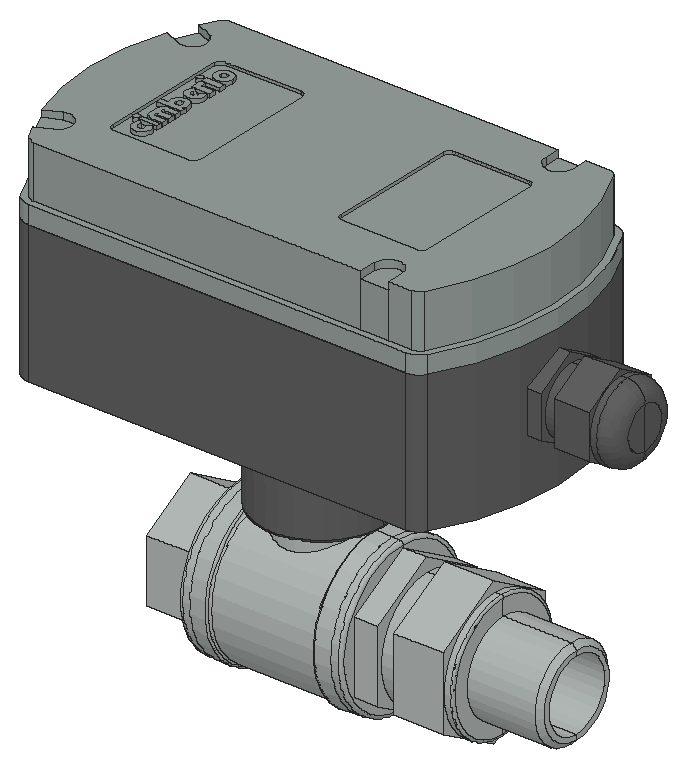
Revit family "QD31600000", category Apparecchi idraulici, Revit 2020
Family settings
  Quota connettore circolare = Usa diametro
  Tipo di parte = Normale
  Numero OmniClass = 23.45.00.00
  Titolo OmniClass = Sanitary, Laundry, and Cleaning Equipment
  Basato su piano di lavoro = No
  Sempre verticale = Sì
  Taglio con vuoti quando caricato = No
  Condiviso = No
  Punto di calcolo locali = No
Parameters
  URL = "https://web.cimberio.it/index.php/figura/616?subcategoria_id=74926"
  Temperatura di esercizio = "-20 ÷ 150°C"
  Prospetto di default = 0 mm
  Produttore = "CIMBERIO SPA"
  Pressione nominale = "PN 64 (3/4\" ÷ 1\"); PN 50 (1\"1/4)"
  Modello = "Cim 703"
  Materiale = "Prodotto in lega di ottone conforme alla norma EN 12165-CW617N-DW"
  Descrizione = "Utilizzato nei più svariati settori dell'impiantistica: impianti di riscaldamento, condizionamento, idrici, igienico-sanitari, aria compressa e in generale con ogni fluido non corrosivo.\r\nParticolarmente indicato come valvola di zona per la regolazione e contabilizzazione di impianti di riscaldamento singoli o a zone, impianti con utilizzazione di energie alternative, impianti con fluidi caldi o freddi e impianti di automazione in genere."
  DN Model [instance] = QD31601020 : QD31601020
  DN [instance] = 20 mm
  Commenti sul tipo = "Realizzato in ottemperanza ai requisiti gestionali della norma EN ISO 9001.\r\nCollaudato al 100% secondo la normativa EN 12266-1."
Reference planes
  plane 1 "Centro (Fronte/Retro)": y = 0
  plane 2: z = 0
  plane 3 "Centro (Sinistra/Destra)": x = 0
Dimensions and locks
  aligned and locked: level to plane 2
Nested families
  nested 1: "QD31601020" at (0, 0, 0), type <- "DN Model", type "QD31601020"
    with DN 50 mm
  nested 2: "QD31601020" at (0, 0, 0), type <- "DN Model", type "QD31601020"
Connectors
  piping at (72.6, 0, 0), diameter 20, driven by "DN"
    settings: on nested 1, index 1, connector inside diameter 609.6 mm, connector length 0 mm, flow factor 0, pipe flow 0.0 L/s, pressure drop 0.0 Pa, fitting loss kfactor 0, connector angle 0.00°, fixture units 0, engagement length 0 mm, angle of deflection 0.00°, flow configuration 0, flow direction 0, fitting loss method 0, system type 7, joint type 0, gender type 0, connector reference index -1, connector utility 0, adjustable connector no, is connector primary yes, connector description ""
  piping at (-37.1, 0, 0), diameter 20, driven by "DN"
    settings: on nested 1, index 2, connector inside diameter 609.6 mm, connector length 0 mm, flow factor 0, pipe flow 0.0 L/s, pressure drop 0.0 Pa, fitting loss kfactor 0, connector angle 0.00°, fixture units 0, engagement length 0 mm, angle of deflection 0.00°, flow configuration 0, flow direction 0, fitting loss method 0, system type 7, joint type 0, gender type 0, connector reference index -1, connector utility 0, adjustable connector no, is connector primary no, connector description ""
Definition of nested family "QD31601020"
  Parameters (values of type "QD31601020")
    URL = "https://web.cimberio.it/index.php/figura/394?subcategoria_id="
    Temperatura di esercizio = "-10 ÷ 95°C"
    Default Elevation = 0 mm
    Manufacturer = "CIMBERIO SPA"
    Pressione nominale = "PN 16"
    Model = "Cim 32"
    Materiale = "Prodotto in lega di ottone conforme alla norma EN 12165-CW617N-DW"
    Description = "Impiegato nei più svariati settori dell'impiantistica in condutture anti-ritorno per: reti di distribuzione acqua potabile, impianti di riscaldamento, condizionamento, igienico-sanitari e in generale con ogni fluido non corrosivo."
    DN [instance] = 50 mm
    Type Comments = "Realizzato in ottemperanza ai requisiti gestionali della norma EN ISO 9001.\r\nCollaudato al 100% secondo la normativa EN 12266-1"
  Reference planes
    plane 1 "Centro (Fronte/Retro)": y = 0
    plane 2: z = 0
    plane 3 "Centro (Sinistra/Destra)": x = 0
  Forms (mm)
    Extrusion 1, solid
      sketch origin (0, 0, 0) x (0, 1, 0) y (0, 0, 1)
        loop
          circle (0, 0) r 10
        loop
          line (0, 18) -> (-15.588, 9) -> (-15.588, -9) -> (0, -18) -> (15.588, -9) -> (15.588, 9) -> (0, 18)
      from -37.1 to -23.1
    Revolve 2, solid
      sketch origin (0, 0, 0) x (1, 0, 0) y (0, 0, 1)
        loop
          line (11.504, 21.487) -> (11.504, 37.805) -> (0, 37.805) -> (0, 8.315) -> (12.31, 8.315) -> (12.31, 20.681)
          arc (12.31, 20.681) -> (11.74, 20.917) -> (11.504, 21.487) r 0.806
        axis (0, 37.805) -> (0, 8.315)
      angle from 0 to 360
    Extrusion 3, solid
      sketch origin (0, 0, 6.5) x (1, 0, 0) y (0, 0, 1)
        loop
          line (-16, 34.091) -> (-16, 17.197) -> (-11, 17.197) -> (-11, 34.091) -> (-16, 34.091)
      from -0.812 to 0.713
    Revolve 4, solid
      sketch origin (0, 0, 0) x (1, 0, 0) y (0, 0, 1)
        loop
          line (0, 51.8) -> (0, 36.671) -> (3.652, 36.671) -> (3.652, 23.3) -> (16.983, 23.3)
          arc (16.983, 23.3) -> (17.427, 23.419) -> (17.69, 23.796) r 0.672
          line (17.69, 23.796) -> (17.955, 46.8) -> (19, 46.8)
          arc (19, 46.8) -> (19.707, 47.093) -> (20, 47.8) r 1
          line (20, 47.8) -> (20, 51.8) -> (0, 51.8)
        axis (0, 51.8) -> (0, 23.3)
      angle from 0 to 360
    Extrusion 5, solid
      sketch origin (0, 0, 0) x (1, 0, 0) y (0, 1, 0)
        loop
          arc (-53.687, 37) -> (-56.156, 36.347) -> (-57.982, 34.56) r 5
          arc (-57.982, 34.56) -> (-67.5, 0) -> (-57.982, -34.56) r 67.5
          arc (-57.982, -34.56) -> (-56.156, -36.347) -> (-53.687, -37) r 5
          line (-53.687, -37) -> (53.687, -37)
          arc (53.687, -37) -> (56.156, -36.347) -> (57.982, -34.56) r 5
          arc (57.982, -34.56) -> (67.5, 0) -> (57.982, 34.56) r 67.5
          arc (57.982, 34.56) -> (56.156, 36.347) -> (53.687, 37) r 5
          line (53.687, 37) -> (-53.687, 37)
      from 51.8 to 91.8
    Extrusion 6, solid
      sketch origin (0, 0, 40) x (1, 0, 0) y (0, 1, 0)
        loop
          arc (-53.687, 37) -> (-56.156, 36.347) -> (-57.982, 34.56) r 5
          arc (-57.982, 34.56) -> (-67.5, 0) -> (-57.982, -34.56) r 67.5
          arc (-57.982, -34.56) -> (-56.156, -36.347) -> (-53.687, -37) r 5
          line (-53.687, -37) -> (53.687, -37)
          arc (53.687, -37) -> (56.156, -36.347) -> (57.982, -34.56) r 5
          arc (57.982, -34.56) -> (67.5, 0) -> (57.982, 34.56) r 67.5
          arc (57.982, 34.56) -> (56.156, 36.347) -> (53.687, 37) r 5
          line (53.687, 37) -> (-53.687, 37)
      from 51.8 to 56.8
    Extrusion 7, solid
      sketch origin (0, 0, 0) x (1, 0, 0) y (0, 1, 0)
        loop
          arc (-53.687, 35) -> (-55.168, 34.608) -> (-56.264, 33.536) r 3
          arc (-56.264, 33.536) -> (-57.395, 31.561) -> (-58.457, 29.547) r 65.5
          arc (-58.457, 29.547) -> (-60.152, 25.922) -> (-61.623, 22.2) r 65.5
          arc (-61.623, 22.2) -> (-65.5, 0) -> (-61.623, -22.2) r 65.5
          arc (-61.623, -22.2) -> (-60.152, -25.922) -> (-58.457, -29.547) r 65.5
          arc (-58.457, -29.547) -> (-57.395, -31.561) -> (-56.264, -33.536) r 65.5
          arc (-56.264, -33.536) -> (-55.168, -34.608) -> (-53.687, -35) r 3
          line (-53.687, -35) -> (39.293, -35) -> (47.293, -35) -> (53.687, -35)
          arc (53.687, -35) -> (55.168, -34.608) -> (56.264, -33.536) r 3
          arc (56.264, -33.536) -> (65.5, 0) -> (56.264, 33.536) r 65.5
          arc (56.264, 33.536) -> (55.168, 34.608) -> (53.687, 35) r 3
          line (53.687, 35) -> (47.293, 35) -> (39.293, 35) -> (-53.687, 35)
      from 96.8 to 111.8
    Extrusion 8, solid
      sketch origin (0, 0, 74.844) x (0, 1, 0) y (0, 0, 1)
        loop
          line (0, 11.95) -> (-10.349, 5.975) -> (-10.349, -5.975) -> (0, -11.95) -> (10.349, -5.975) -> (10.349, 5.975) -> (0, 11.95)
      from 53.687 to 71
    Revolve 9, solid
      sketch origin (0, 0, 0) x (1, 0, 0) y (0, 0, 1)
        loop
          line (71, 84.3) -> (71, 79.687) -> (75, 79.687) -> (75, 84.3) -> (71, 84.3)
        axis (71, 74.844) -> (75, 74.844)
      angle from 0 to 360
    Extrusion 10, solid
      sketch origin (0, 0, 0) x (0, 1, 0) y (0, 0, 1)
        loop
          line (0, 87.344) -> (-10.825, 81.094) -> (-10.825, 68.594) -> (0, 62.344) -> (10.825, 68.594) -> (10.825, 81.094) -> (0, 87.344)
      from 75 to 85
    Revolve 11, solid
      sketch origin (0, 0, 0) x (1, 0, 0) y (0, 0, 1)
        loop
          line (92, 74.844) -> (92, 80.8)
          arc (92, 80.8) -> (90.535, 84.336) -> (86.998, 85.8) r 5
          line (86.998, 85.8) -> (85, 85.8) -> (85, 74.844) -> (92, 74.844)
        axis (85, 74.844) -> (92, 74.844)
      angle from 0 to 360
    Extrusion 12, void
      sketch origin (0, 0, 0) x (1, 0, 0) y (0, 1, 0)
        loop
          arc (-57.295, 20.329) -> (-52.036, 22.412) -> (-54.12, 27.671) r 4
          line (-54.12, 27.671) -> (-59.289, 29.907) -> (-62.465, 22.564) -> (-57.295, 20.329)
        loop
          arc (-54.12, -27.671) -> (-52.036, -22.412) -> (-57.295, -20.329) r 4
          line (-57.295, -20.329) -> (-62.083, -22.399) -> (-58.908, -29.742) -> (-54.12, -27.671)
        loop
          arc (39.293, 30.5) -> (43.293, 26.5) -> (47.293, 30.5) r 4
          line (47.293, 30.5) -> (47.293, 35.946) -> (39.293, 35.946) -> (39.293, 30.5)
        loop
          line (39.293, -30.43) -> (39.293, -35) -> (47.293, -35) -> (47.293, -30.5)
          arc (47.293, -30.5) -> (43.293, -26.5) -> (39.293, -30.5) r 4
      from 109.8 to 117.274
    Extrusion 13, void
      sketch origin (0, 0, 0) x (1, 0, 0) y (0, 1, 0)
        loop
          line (-21.999, 20) -> (-43.001, 20)
          arc (-43.001, 20) -> (-44.415, 19.414) -> (-45, 18) r 2
          line (-45, 18) -> (-45, -18)
          arc (-45, -18) -> (-44.414, -19.415) -> (-42.999, -20) r 2
          line (-42.999, -20) -> (-21.999, -20)
          arc (-21.999, -20) -> (-20.585, -19.414) -> (-20, -18) r 2
          line (-20, -18) -> (-20, 18)
          arc (-20, 18) -> (-20.585, 19.414) -> (-21.999, 20) r 2
        loop
          arc (22.001, 20) -> (20.586, 19.415) -> (20, 18) r 2
          line (20, 18) -> (20, -18)
          arc (20, -18) -> (20.586, -19.415) -> (22.001, -20) r 2
          line (22.001, -20) -> (43.001, -20)
          arc (43.001, -20) -> (44.415, -19.414) -> (45, -18) r 2
          line (45, -18) -> (45, 18)
          arc (45, 18) -> (44.415, 19.414) -> (43.001, 20) r 2
          line (43.001, 20) -> (22.001, 20)
      from 111.039 to 121
    Extrusion 14, solid
      sketch origin (0, 0, 111.039) x (1, 0, 0) y (0, 1, 0)
        loop
          arc (-41.222, -13.089) -> (-39.283, -17.248) -> (-37.344, -13.089) r 2.531
          line (-37.344, -13.089) -> (-38.507, -14.066)
          arc (-38.507, -14.066) -> (-39.283, -15.729) -> (-40.058, -14.066) r 1.013
          line (-40.058, -14.066) -> (-41.222, -13.089)
        loop
          line (-36.751, -12.583) -> (-36.751, -11.064) -> (-41.814, -11.064) -> (-41.814, -12.583) -> (-36.751, -12.583)
        loop
          circle (-43.08, -11.824) r 0.861
        loop
          line (-36.751, -9.039) -> (-39.89, -9.039)
          arc (-39.89, -9.039) -> (-40.295, -8.634) -> (-39.89, -8.229) r 0.405
          line (-39.89, -8.229) -> (-36.751, -8.229) -> (-36.751, -6.711) -> (-39.89, -6.711)
          arc (-39.89, -6.711) -> (-40.295, -6.306) -> (-39.89, -5.901) r 0.405
          line (-39.89, -5.901) -> (-36.751, -5.901) -> (-36.751, -4.382) -> (-39.89, -4.382)
          arc (-39.89, -4.382) -> (-41.614, -5.451) -> (-41.422, -7.47) r 1.924
          arc (-41.422, -7.47) -> (-41.614, -9.489) -> (-39.89, -10.558) r 1.924
          line (-39.89, -10.558) -> (-36.751, -10.558) -> (-36.751, -9.039)
        loop
          line (-43.839, -3.876) -> (-36.751, -3.876) -> (-36.751, -2.357) -> (-37.544, -2.357) -> (-36.841, -2.013)
          arc (-36.841, -2.013) -> (-39.465, 1.18) -> (-41.603, -2.357) r 2.531
          line (-41.603, -2.357) -> (-43.839, -2.357) -> (-43.839, -3.876)
        loop
          circle (-39.283, -1.344) r 1.012
        loop
          arc (-41.013, 6.072) -> (-39.435, 1.698) -> (-37.344, 5.851) r 2.531
          line (-37.344, 5.851) -> (-38.507, 4.875)
          arc (-38.507, 4.875) -> (-38.282, 4.378) -> (-38.348, 3.836) r 1.013
          line (-38.348, 3.836) -> (-41.013, 6.072)
        loop
          line (-38.738, 3.371) -> (-40.218, 4.612)
          arc (-40.218, 4.612) -> (-39.934, 3.449) -> (-38.738, 3.371) r 1.013
        loop
          line (-36.751, 6.358) -> (-36.751, 7.876) -> (-40.426, 7.876)
          arc (-40.426, 7.876) -> (-41.131, 9.395) -> (-41.814, 7.867) r 0.92
          line (-41.814, 7.867) -> (-41.814, 6.358) -> (-36.751, 6.358)
        loop
          line (-36.751, 9.901) -> (-36.751, 11.42) -> (-41.814, 11.42) -> (-41.814, 9.901) -> (-36.751, 9.901)
        loop
          circle (-43.08, 10.661) r 0.861
        loop
          circle (-39.283, 14.458) r 2.531
        loop
          circle (-39.283, 14.458) r 1.012
      from 0 to 1
    Revolve 15, solid
      sketch origin (0, 0, 0) x (1, 0, 0) y (0, 0, 1)
        loop
          line (-23.1, -10) -> (-23.1, -20.75)
          arc (-23.1, -20.75) -> (-22.807, -21.458) -> (-22.099, -21.75) r 1
          line (-22.099, -21.75) -> (-20.1, -21.75) -> (-15.5, -22)
          arc (-15.5, -22) -> (-15.146, -21.854) -> (-15, -21.5) r 0.5
          arc (-15, -21.5) -> (-14.854, -21.146) -> (-14.5, -21) r 0.5
          line (-14.5, -21) -> (14.5, -21)
          arc (14.5, -21) -> (14.854, -21.146) -> (15, -21.5) r 0.5
          arc (15, -21.5) -> (15.146, -21.854) -> (15.5, -22) r 0.5
          line (15.5, -22) -> (20.1, -21.75) -> (22.101, -21.75)
          arc (22.101, -21.75) -> (22.808, -21.457) -> (23.1, -20.75) r 1
          line (23.1, -20.75) -> (23.1, -10) -> (-23.1, -10)
        axis (-23.1, 0) -> (23.1, 0)
      angle from 0 to 360
    Extrusion 16, solid
      sketch origin (0, 0, 0) x (0, 1, 0) y (0, 0, -1)
        loop
          circle (0, 0) r 10
        loop
          line (0, -20.25) -> (17.537, -10.125) -> (17.537, 10.125) -> (0, 20.25) -> (-17.537, 10.125) -> (-17.537, -10.125) -> (0, -20.25)
      from -30.1 to -23.1
    Revolve 17, solid
      sketch origin (0, 0, 0) x (1, 0, 0) y (0, 0, 1)
        loop
          line (30.1, 16.575) -> (30.1, 10) -> (35.1, 10) -> (35.1, 16.575) -> (30.1, 16.575)
        axis (30.1, 0) -> (35.1, 0)
      angle from 0 to 360
    Extrusion 18, solid
      sketch origin (19, 0, 0) x (0, 1, 0) y (0, 0, -1)
        loop
          circle (0, 0) r 10
        loop
          line (0, -20.75) -> (17.97, -10.375) -> (17.97, 10.375) -> (0, 20.75) -> (-17.97, 10.375) -> (-17.97, -10.375) -> (0, -20.75)
      from -30.1 to -16.093
    Revolve 19, solid
      sketch origin (0, 0, 0) x (1, 0, 0) y (0, 0, 1)
        loop
          line (49.1, 10) -> (51.6, 10) -> (51.6, 17.285)
          arc (51.6, 17.285) -> (51.485, 17.737) -> (51.099, 18) r 0.66
          line (51.099, 18) -> (49.1, 18) -> (49.1, 10)
        axis (49.1, 0) -> (51.6, 0)
      angle from 0 to 360
    Revolve 20, solid
      sketch origin (0, 0, 0) x (1, 0, 0) y (0, 0, 1)
        loop
          line (51.6, 10) -> (72.6, 10) -> (72.6, 11.4) -> (71.1, 12.9) -> (51.6, 12.9) -> (51.6, 10)
        axis (51.6, 0) -> (72.6, 0)
      angle from 0 to 360
  Cuts and joins
    Extrusion 12 cuts Extrusion 5
    Extrusion 12 cuts Extrusion 6
    Extrusion 12, Extrusion 13 cuts Extrusion 7
  Dimensions and locks
    aligned and locked: level to plane 2
